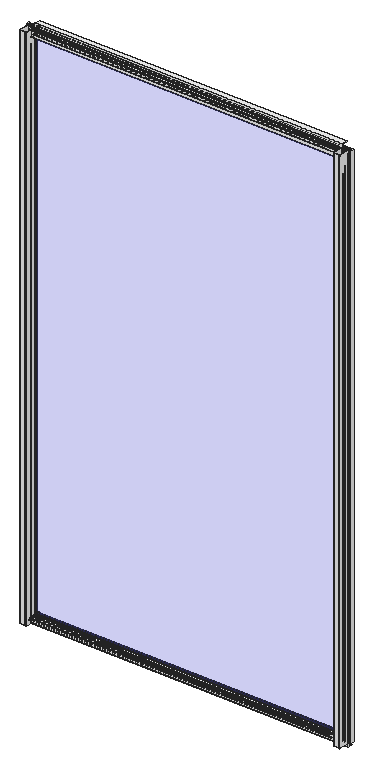
Revit family "Facade_60_Curtain_Wall_S11_Standard", category Windows, host Wall, Revit 2014 (continued)
Definition of nested family "F60 Vertical Profile Side_S11_Std"
  Automatic sketch dimensions
    plane 3 "Center (Left/Right)" to Extrusion 11 sketch curve = 1.014 mm
    plane 3 "Center (Left/Right)" to Extrusion 11 sketch curve = 1.05 mm
    Extrusion 11 sketch curve to Extrusion 11 sketch curve = 0.469 mm  (x2)
    Extrusion 11 sketch curve to Extrusion 11 sketch curve = 1.079 mm
    Extrusion 11 sketch curve to Extrusion 11 sketch curve = 1.317 mm  (x2)
    Extrusion 11 sketch curve to Extrusion 11 sketch curve = 0 mm  (x3)
    plane 3 "Center (Left/Right)" to Extrusion 11 sketch curve = 3.85 mm
    Extrusion 11 sketch curve to Extrusion 11 sketch curve = 0.15 mm  (x2)
    Extrusion 11 sketch curve to Extrusion 11 sketch curve = 26 mm  (x2)
    Extrusion 11 sketch curve to Extrusion 11 sketch curve = 1.05 mm
    Extrusion 11 sketch curve to Extrusion 11 sketch curve = 0.707 mm
    Extrusion 11 sketch curve to Extrusion 11 sketch curve = 0.433 mm
    plane 1 "Center (Front/Back)" to Extrusion 11 sketch curve = 31.288 mm
    plane 1 "Center (Front/Back)" to Extrusion 11 sketch curve = 28.065 mm
    Extrusion 11 sketch curve to Extrusion 11 sketch curve = 1.314 mm
    Extrusion 11 sketch curve to Extrusion 11 sketch curve = 0.65 mm
    Extrusion 11 sketch curve to Extrusion 11 sketch curve = 0.5 mm  (x2)
    plane 1 "Center (Front/Back)" to Extrusion 11 sketch curve = 32.75 mm
    Extrusion 11 sketch curve to Extrusion 11 sketch curve = 0.1 mm  (x3)
    Extrusion 11 sketch curve to Extrusion 11 sketch curve = 1.1 mm  (x2)
    Extrusion 11 sketch curve to Extrusion 11 sketch curve = 8.608 mm
    Extrusion 11 sketch curve to Extrusion 11 sketch curve = 0.962 mm
    Extrusion 12 sketch curve to plane 3 "Center (Left/Right)" = 21.349 mm
    Extrusion 12 sketch curve to Extrusion 12 sketch curve = 6.35 mm
    plane 3 "Center (Left/Right)" to Extrusion 12 sketch curve = 10.403 mm
    plane 1 "Center (Front/Back)" to Extrusion 12 sketch curve = 35.567 mm
    plane 1 "Center (Front/Back)" to Extrusion 12 sketch curve = 10.171 mm
    plane 1 "Center (Front/Back)" to Extrusion 12 sketch curve = 3.821 mm
    Extrusion 13 sketch curve to plane 3 "Center (Left/Right)" = 21.35 mm
    Extrusion 13 sketch curve to Extrusion 13 sketch curve = 6.35 mm
    plane 3 "Center (Left/Right)" to Extrusion 13 sketch curve = 10.402 mm
    plane 1 "Center (Front/Back)" to Extrusion 13 sketch curve = 33.172 mm
    plane 1 "Center (Front/Back)" to Extrusion 13 sketch curve = 7.775 mm
    plane 1 "Center (Front/Back)" to Extrusion 13 sketch curve = 1.425 mm
    Extrusion 14 sketch curve to plane 3 "Center (Left/Right)" = 0 mm
    plane 3 "Center (Left/Right)" to Extrusion 14 sketch curve = 1.2 mm
    Extrusion 14 sketch curve to Extrusion 14 sketch curve = 9.6 mm
    Extrusion 14 sketch curve to Extrusion 14 sketch curve = 1.2 mm  (x3)
    plane 1 "Center (Front/Back)" to Extrusion 14 sketch curve = 25.775 mm
    plane 1 "Center (Front/Back)" to Extrusion 14 sketch curve = 8.975 mm
    curve 4 to Extrusion 6 = 0 mm
    curve 3 to Extrusion 6 = 0 mm
    curve 1 to Extrusion 6 = 0 mm
    curve 4 to Extrusion 6 = 3.6 mm
    curve 3 to Extrusion 6 = 3.6 mm
    curve 1 to Extrusion 6 = 3.6 mm
    Extrusion 6 to curve 2 = 1 mm
    Extrusion 6 to curve 5 = 1 mm
    Extrusion 6 to curve 6 = 1 mm
    curve 6 to Extrusion 6 = 1 mm
    curve 5 to Extrusion 6 = 1 mm
    curve 2 to Extrusion 6 = 1 mm
    curve 9 to Extrusion 6 = 0 mm
    curve 8 to Extrusion 6 = 0 mm
    curve 7 to Extrusion 6 = 0 mm
    Extrusion 6 to curve 8 = 3.6 mm
    Extrusion 6 to curve 9 = 3.6 mm
    Extrusion 6 to curve 7 = 3.6 mm
    curve 12 to Extrusion 5 = 25.894 mm
    curve 11 to Extrusion 5 = 25.894 mm
    curve 10 to Extrusion 5 = 25.894 mm
    curve 10 to Extrusion 5 = 0.108 mm
    Extrusion 5 to curve 12 = 0.703 mm
    Extrusion 5 to curve 11 = 0.703 mm
    curve 13 to Extrusion 5 = 4 mm
    curve 14 to Extrusion 5 = 4 mm
    curve 15 to Extrusion 5 = 4 mm
    Extrusion 5 to curve 15 = 0.702 mm
    Extrusion 5 to curve 14 = 0.702 mm
    Extrusion 5 to curve 13 = 0.702 mm
    curve 18 to Extrusion 7 = 0 mm
    curve 17 to Extrusion 7 = 0 mm
    curve 16 to Extrusion 7 = 0 mm
    Extrusion 7 to curve 17 = 3.6 mm
    Extrusion 7 to curve 18 = 3.6 mm
    Extrusion 7 to curve 16 = 3.6 mm
    Extrusion 7 to curve 21 = 1 mm  (x2)
    Extrusion 7 to curve 20 = 1 mm  (x2)
    Extrusion 7 to curve 19 = 1 mm  (x2)
    curve 24 to Extrusion 7 = 0 mm
    curve 23 to Extrusion 7 = 0 mm
    curve 22 to Extrusion 7 = 0 mm
    curve 24 to Extrusion 7 = 3.6 mm
    curve 23 to Extrusion 7 = 3.6 mm
    curve 22 to Extrusion 7 = 3.6 mm
    curve 27 to Extrusion 8 = 0 mm
    curve 26 to Extrusion 8 = 0 mm
    curve 25 to Extrusion 8 = 0 mm
    Extrusion 8 to curve 26 = 3.6 mm
    Extrusion 8 to curve 27 = 3.6 mm
    Extrusion 8 to curve 25 = 3.6 mm
    Extrusion 8 to curve 30 = 0.221 mm
    Extrusion 8 to curve 29 = 0.221 mm
    Extrusion 8 to curve 28 = 0.221 mm
    curve 29 to Extrusion 8 = 0.222 mm
    curve 30 to Extrusion 8 = 0.222 mm
    curve 28 to Extrusion 8 = 0.222 mm
    curve 33 to Extrusion 8 = 0 mm
    curve 32 to Extrusion 8 = 0 mm
    curve 31 to Extrusion 8 = 0 mm
    curve 33 to Extrusion 8 = 3.6 mm
    curve 32 to Extrusion 8 = 3.6 mm
    curve 31 to Extrusion 8 = 3.6 mm
    curve 34 to Extrusion 11 = 4.016 mm
    curve 35 to Extrusion 11 = 4.016 mm
    curve 36 to Extrusion 11 = 3.97 mm
    Extrusion 11 to curve 36 = 0.637 mm
    Extrusion 11 to curve 35 = 0.637 mm
    Extrusion 11 to curve 34 = 0.637 mm
    curve 37 to Extrusion 11 = 29.221 mm
    curve 38 to Extrusion 11 = 29.221 mm
    curve 39 to Extrusion 11 = 29.221 mm
    Extrusion 11 to curve 39 = 3.222 mm
    Extrusion 11 to curve 38 = 3.222 mm
    Extrusion 11 to curve 37 = 3.222 mm
Definition of nested family "F60 Horizontal Profile Top_S11_Std"
  Parameters (values of type "F60 Horizontal Profile Top")
    Thermal Break Material [instance] = none
    Single Glazing [instance] = yes
    Profile Material [instance] = none
    Length [instance] = 250 mm
    Double Glazing [instance] = yes
  Reference planes
    plane 1 "Center (Front/Back)": y = 0
    plane 2: z = 0
    plane 3 "Center (Left/Right)": x = 0
  Forms (mm)
    Extrusion 1, solid, material <- "Profile Material"
      sketch origin (0, 0, 0) x (0, 1, 0) y (0, 0, 1)
        loop
          line (-9.94, 7.845) -> (-8.37, 6.275) -> (-1.2, 10.415) -> (-1.2, 1.2) -> (-5, 1.2) -> (-5, 0) -> (-1, 0)
          arc (-1, 0) -> (-0.293, 0.293) -> (0, 1) r 1
          line (0, 1) -> (0, 30) -> (0, 59)
          arc (0, 59) -> (-0.293, 59.707) -> (-1, 60) r 1
          line (-1, 60) -> (-5, 60) -> (-5, 58.8) -> (-1.2, 58.8) -> (-1.2, 49.585) -> (-8.37, 53.725) -> (-9.94, 52.155)
          arc (-9.94, 52.155) -> (-9.902, 51.269) -> (-9.016, 51.232) r 0.655
          line (-9.016, 51.232) -> (-8.077, 52.17) -> (-1.2, 48.2) -> (-1.2, 30) -> (-1.2, 11.8) -> (-8.077, 7.83) -> (-9.016, 8.768)
          arc (-9.016, 8.768) -> (-9.902, 8.731) -> (-9.94, 7.845) r 0.655
      from 0 to 250 <- "Length"
    Extrusion 2, solid, material <- "Profile Material"
      sketch origin (0, 0, 0) x (0, 1, 0) y (0, 0, 1)
        loop
          line (-5, 60) -> (-44.6, 60) -> (-44.6, 58.35) -> (-39.944, 58.35) -> (-39.944, 1.65) -> (-44.6, 1.65) -> (-44.6, 0) -> (-5, 0) -> (-5, 2.2) -> (-4.2, 2.2) -> (-4.2, 3.018)
          arc (-4.2, 3.018) -> (-4.352, 3.783) -> (-4.786, 4.432) r 2
          line (-4.786, 4.432) -> (-7.054, 6.7) -> (-8, 6.489) -> (-8, 5.7) -> (-7.205, 5.7) -> (-7.205, 2.95) -> (-8, 2.95) -> (-8, 1.95) -> (-12.752, 1.95) -> (-12.752, 6.7) -> (-14.152, 6.7) -> (-14.152, 1.65) -> (-38.65, 1.65) -> (-38.65, 8.33) -> (-37.097, 8.33) -> (-34.666, 6.973)
          arc (-34.666, 6.973) -> (-33.846, 7.192) -> (-34.066, 8.012) r 0.6
          line (-34.066, 8.012) -> (-37.128, 9.78) -> (-38.65, 9.78) -> (-38.65, 12.65) -> (-37.6, 13.7) -> (-37.6, 20.3) -> (-38.65, 21.35) -> (-38.65, 38.65) -> (-37.6, 39.7) -> (-37.6, 46.3) -> (-38.65, 47.35) -> (-38.65, 50.22) -> (-37.128, 50.22) -> (-34.066, 51.988)
          arc (-34.066, 51.988) -> (-33.846, 52.808) -> (-34.666, 53.027) r 0.6
          line (-34.666, 53.027) -> (-37.032, 51.661) -> (-38.65, 51.661) -> (-38.65, 58.35) -> (-14.152, 58.35) -> (-14.152, 53.3) -> (-12.752, 53.3) -> (-12.752, 58.05) -> (-8, 58.05) -> (-8, 57.05) -> (-7.205, 57.05) -> (-7.205, 54.3) -> (-8, 54.3) -> (-8, 53.511) -> (-7.054, 53.3) -> (-4.786, 55.568)
          arc (-4.786, 55.568) -> (-4.352, 56.217) -> (-4.2, 56.982) r 2
          line (-4.2, 56.982) -> (-4.2, 57.8) -> (-5, 57.8) -> (-5, 60)
      from 0 to 250 <- "Length"
    Extrusion 3, solid, material <- "Thermal Break Material"
      sketch origin (0, 0, 0) x (0, 1, 0) y (0, 0, 1)
        loop
          line (-40, 1.75) -> (-40, 30) -> (-40, 58.25) -> (-44.6, 58.25) -> (-44.6, 60) -> (-45.9, 60) -> (-45.9, 53.65) -> (-41.788, 53.65)
          arc (-41.788, 53.65) -> (-41.363, 53.474) -> (-41.187, 53.05) r 0.6
          line (-41.187, 53.05) -> (-41.187, 30) -> (-41.187, 6.95)
          arc (-41.187, 6.95) -> (-41.363, 6.526) -> (-41.788, 6.35) r 0.6
          line (-41.788, 6.35) -> (-45.9, 6.35) -> (-45.9, 0) -> (-44.6, 0) -> (-44.6, 1.75) -> (-40, 1.75)
      from 0 to 250 <- "Length"
    Extrusion 4, solid, material <- "Profile Material"
      sketch origin (0, 0, 0) x (0, 1, 0) y (0, 0, 1)
        loop
          line (-58.5, 25.249) -> (-43.6, 25.249)
          arc (-43.6, 25.249) -> (-43.034, 25.015) -> (-42.8, 24.449) r 0.8
          line (-42.8, 24.449) -> (-42.8, 7.9) -> (-44.4, 7.9) -> (-44.4, 9.45) -> (-45.25, 9.45)
          arc (-45.25, 9.45) -> (-45.674, 9.274) -> (-45.85, 8.85) r 0.6
          line (-45.85, 8.85) -> (-45.85, 7.9) -> (-48.8, 7.9)
          arc (-48.8, 7.9) -> (-49.3, 8.4) -> (-49.8, 7.9) r 0.5
          line (-49.8, 7.9) -> (-49.8, 5.55) -> (-48.65, 5.55) -> (-48.65, 6.7) -> (-47.35, 6.7) -> (-47.35, 1.2) -> (-48.65, 1.2) -> (-48.65, 2.35) -> (-49.8, 2.35) -> (-49.8, 0.5)
          arc (-49.8, 0.5) -> (-49.654, 0.146) -> (-49.3, 0) r 0.5
          line (-49.3, 0) -> (-45.9, 0) -> (-45.9, 6.45) -> (-42.2, 6.45)
          arc (-42.2, 6.45) -> (-41.634, 6.684) -> (-41.4, 7.25) r 0.8
          line (-41.4, 7.25) -> (-41.4, 30) -> (-41.4, 52.75)
          arc (-41.4, 52.75) -> (-41.634, 53.316) -> (-42.2, 53.55) r 0.8
          line (-42.2, 53.55) -> (-45.9, 53.55) -> (-45.9, 60) -> (-49.3, 60)
          arc (-49.3, 60) -> (-49.654, 59.854) -> (-49.8, 59.5) r 0.5
          line (-49.8, 59.5) -> (-49.8, 57.65) -> (-48.65, 57.65) -> (-48.65, 58.8) -> (-47.35, 58.8) -> (-47.35, 53.3) -> (-48.65, 53.3) -> (-48.65, 54.45) -> (-49.8, 54.45) -> (-49.8, 52.1)
          arc (-49.8, 52.1) -> (-49.3, 51.6) -> (-48.8, 52.1) r 0.5
          line (-48.8, 52.1) -> (-45.85, 52.1) -> (-45.85, 51.15)
          arc (-45.85, 51.15) -> (-45.674, 50.726) -> (-45.25, 50.55) r 0.6
          line (-45.25, 50.55) -> (-44.4, 50.55) -> (-44.4, 52.1) -> (-42.8, 52.1) -> (-42.8, 35.551)
          arc (-42.8, 35.551) -> (-43.034, 34.985) -> (-43.6, 34.751) r 0.8
          line (-43.6, 34.751) -> (-58.5, 34.751)
          arc (-58.5, 34.751) -> (-59.066, 34.516) -> (-59.3, 33.951) r 0.8
          line (-59.3, 33.951) -> (-59.3, 32.902) -> (-42.8, 32.902) -> (-42.8, 27.1) -> (-59.3, 27.1) -> (-59.3, 26.049)
          arc (-59.3, 26.049) -> (-59.066, 25.484) -> (-58.5, 25.249) r 0.8
      from 0 to 250 <- "Length"
    Extrusion 5, solid, material <- "Thermal Break Material", visible <- "Single Glazing"
      sketch origin (0, 0, 0) x (0, 1, 0) y (0, 0, 1)
        loop
          arc (-63.8, 25.751) -> (-63.654, 25.397) -> (-63.3, 25.251) r 0.5
          line (-63.3, 25.251) -> (-59.8, 25.251)
          arc (-59.8, 25.251) -> (-59.446, 25.397) -> (-59.3, 25.751) r 0.5
          line (-59.3, 25.751) -> (-59.3, 27.648) -> (-49.599, 27.648) -> (-47.528, 28.651)
          arc (-47.528, 28.651) -> (-46.803, 30.001) -> (-47.528, 31.351) r 1.62
          line (-47.528, 31.351) -> (-49.599, 32.353) -> (-59.3, 32.353) -> (-59.3, 34.251)
          arc (-59.3, 34.251) -> (-59.446, 34.604) -> (-59.8, 34.751) r 0.5
          line (-59.8, 34.751) -> (-63.3, 34.751)
          arc (-63.3, 34.751) -> (-63.654, 34.604) -> (-63.8, 34.251) r 0.5
          line (-63.8, 34.251) -> (-63.8, 32.328) -> (-62.4, 31.52) -> (-62.4, 28.483) -> (-63.8, 27.673) -> (-63.8, 25.751)
        loop
          line (-59.794, 28.506) -> (-59.006, 29.294)
          arc (-59.006, 29.294) -> (-58.788, 29.618) -> (-58.713, 30.001) r 0.986
          arc (-58.713, 30.001) -> (-58.79, 30.384) -> (-59.008, 30.71) r 1.007
          line (-59.008, 30.71) -> (-59.794, 31.496) -> (-60.65, 31.496)
          arc (-60.65, 31.496) -> (-61.004, 31.349) -> (-61.15, 30.996) r 0.5
          line (-61.15, 30.996) -> (-61.15, 29.006)
          arc (-61.15, 29.006) -> (-61.004, 28.652) -> (-60.65, 28.506) r 0.5
          line (-60.65, 28.506) -> (-59.794, 28.506)
        loop
          line (-47.854, 30.898) -> (-49.415, 31.653) -> (-56.782, 31.653)
          arc (-56.782, 31.653) -> (-57.207, 31.417) -> (-57.23, 30.932) r 0.5
          arc (-57.23, 30.932) -> (-57.013, 30.001) -> (-57.23, 29.07) r 2.099
          arc (-57.23, 29.07) -> (-57.207, 28.584) -> (-56.782, 28.348) r 0.5
          line (-56.782, 28.348) -> (-49.415, 28.348) -> (-48.055, 29.007)
          arc (-48.055, 29.007) -> (-47.35, 29.888) -> (-47.854, 30.898) r 1.047
      from 0 to 250 <- "Length"
    Extrusion 6, solid, material <- "Profile Material", visible <- "Single Glazing"
      sketch origin (0, 0, 0) x (0, 1, 0) y (0, 0, 1)
        loop
          line (-63.8, 52.694) -> (-64.8, 52.694) -> (-64.8, 51.544) -> (-66.05, 51.544) -> (-66.05, 57.044) -> (-64.8, 57.044) -> (-64.8, 55.894) -> (-63.8, 55.894) -> (-63.8, 58.294)
          arc (-63.8, 58.294) -> (-64.082, 58.803) -> (-64.664, 58.835) r 0.6
          line (-64.664, 58.835) -> (-66.562, 57.91) -> (-67.088, 58.988) -> (-68.05, 58.519) -> (-68.05, 48.513)
          arc (-68.05, 48.513) -> (-67.874, 48.089) -> (-67.45, 47.913) r 0.6
          line (-67.45, 47.913) -> (-66.6, 47.913) -> (-66.6, 12.09) -> (-67.45, 12.09)
          arc (-67.45, 12.09) -> (-67.874, 11.914) -> (-68.05, 11.49) r 0.6
          line (-68.05, 11.49) -> (-68.05, 1.485) -> (-67.088, 1.016) -> (-66.562, 2.095) -> (-64.663, 1.169)
          arc (-64.663, 1.169) -> (-64.082, 1.2) -> (-63.8, 1.709) r 0.6
          line (-63.8, 1.709) -> (-63.8, 4.109) -> (-64.8, 4.109) -> (-64.8, 2.959) -> (-66.05, 2.959) -> (-66.05, 8.459) -> (-64.8, 8.459) -> (-64.8, 7.309) -> (-63.8, 7.309) -> (-63.8, 27.674) -> (-62.4, 28.483) -> (-62.4, 31.521) -> (-63.8, 32.329) -> (-63.8, 52.694)
      from 0 to 250 <- "Length"
    Extrusion 7, solid, material <- "Profile Material", visible <- "Single Glazing"
      sketch origin (0, 0, 0) x (0, 1, 0) y (0, 0, 1)
        loop
          line (-68.551, 3.3) -> (-76.559, 3.3) -> (-76.559, 30) -> (-76.559, 56.15)
          arc (-76.559, 56.15) -> (-75.739, 58.13) -> (-73.759, 58.95) r 2.8
          line (-73.759, 58.95) -> (-69.151, 58.95) -> (-69.151, 57.2)
          arc (-69.151, 57.2) -> (-68.987, 56.829) -> (-68.601, 56.703) r 0.5
          arc (-68.601, 56.703) -> (-68.216, 56.829) -> (-68.051, 57.2) r 0.5
          line (-68.051, 57.2) -> (-68.051, 58.517) -> (-67.089, 58.986) -> (-66.563, 57.907) -> (-63.866, 59.222)
          arc (-63.866, 59.222) -> (-64.001, 59.762) -> (-64.504, 60) r 0.65
          line (-64.504, 60) -> (-73.859, 60)
          arc (-73.859, 60) -> (-76.687, 58.828) -> (-77.859, 56) r 4
          line (-77.859, 56) -> (-77.859, 30) -> (-77.859, 2.493)
          arc (-77.859, 2.493) -> (-77.197, 0.799) -> (-75.562, 0.002) r 2.5
          arc (-75.562, 0.002) -> (-75.182, 0.132) -> (-75.021, 0.5) r 0.5
          line (-75.021, 0.5) -> (-75.021, 2) -> (-69.151, 2) -> (-69.151, 0.5)
          arc (-69.151, 0.5) -> (-69.005, 0.146) -> (-68.651, 0) r 0.5
          line (-68.651, 0) -> (-64.504, 0)
          arc (-64.504, 0) -> (-64.001, 0.238) -> (-63.866, 0.778) r 0.65
          line (-63.866, 0.778) -> (-66.563, 2.093) -> (-67.089, 1.014) -> (-68.051, 1.483) -> (-68.051, 2.8)
          arc (-68.051, 2.8) -> (-68.198, 3.154) -> (-68.551, 3.3) r 0.5
      from 0 to 250 <- "Length"
    Extrusion 8, solid, material <- "Thermal Break Material", visible <- "Double Glazing"
      sketch origin (0, 0, 0) x (0, 1, 0) y (0, 0, 1)
        loop
          line (-77.8, 27.673) -> (-77.8, 25.751)
          arc (-77.8, 25.751) -> (-77.654, 25.397) -> (-77.3, 25.251) r 0.5
          line (-77.3, 25.251) -> (-59.8, 25.251)
          arc (-59.8, 25.251) -> (-59.446, 25.397) -> (-59.3, 25.751) r 0.5
          line (-59.3, 25.751) -> (-59.3, 27.647) -> (-49.599, 27.647) -> (-47.528, 28.649)
          arc (-47.528, 28.649) -> (-46.803, 29.999) -> (-47.528, 31.349) r 1.62
          line (-47.528, 31.349) -> (-49.602, 32.353) -> (-59.3, 32.353) -> (-59.3, 34.251)
          arc (-59.3, 34.251) -> (-59.446, 34.604) -> (-59.8, 34.751) r 0.5
          line (-59.8, 34.751) -> (-77.3, 34.751)
          arc (-77.3, 34.751) -> (-77.654, 34.604) -> (-77.8, 34.251) r 0.5
          line (-77.8, 34.251) -> (-77.8, 32.327) -> (-76.4, 31.52) -> (-76.4, 28.482) -> (-77.8, 27.673)
        loop
          line (-59.006, 30.708) -> (-61.156, 32.858)
          arc (-61.156, 32.858) -> (-61.48, 33.074) -> (-61.863, 33.151) r 1
          line (-61.863, 33.151) -> (-73.8, 33.151)
          arc (-73.8, 33.151) -> (-74.507, 32.858) -> (-74.8, 32.151) r 1
          line (-74.8, 32.151) -> (-74.8, 27.851)
          arc (-74.8, 27.851) -> (-74.507, 27.144) -> (-73.8, 26.851) r 1
          line (-73.8, 26.851) -> (-61.863, 26.851)
          arc (-61.863, 26.851) -> (-61.48, 26.927) -> (-61.156, 27.144) r 1
          line (-61.156, 27.144) -> (-59.006, 29.294)
          arc (-59.006, 29.294) -> (-58.788, 29.618) -> (-58.713, 30.001) r 0.986
          arc (-58.713, 30.001) -> (-58.79, 30.383) -> (-59.006, 30.708) r 1.007
        loop
          line (-56.782, 28.347) -> (-49.415, 28.347) -> (-48.055, 29.005)
          arc (-48.055, 29.005) -> (-47.35, 29.887) -> (-47.854, 30.896) r 1.047
          line (-47.854, 30.896) -> (-49.415, 31.652) -> (-56.782, 31.652)
          arc (-56.782, 31.652) -> (-57.207, 31.416) -> (-57.23, 30.93) r 0.5
          arc (-57.23, 30.93) -> (-57.013, 29.999) -> (-57.23, 29.068) r 2.099
          arc (-57.23, 29.068) -> (-57.207, 28.583) -> (-56.782, 28.347) r 0.5
      from 0 to 250 <- "Length"
    Extrusion 9, solid, material <- "Profile Material", visible <- "Double Glazing"
      sketch origin (0, 0, 0) x (0, 1, 0) y (0, 0, 1)
        loop
          line (-77.8, 52.694) -> (-78.8, 52.694) -> (-78.8, 51.544) -> (-80.05, 51.544) -> (-80.05, 57.044) -> (-78.8, 57.044) -> (-78.8, 55.894) -> (-77.8, 55.894) -> (-77.8, 58.294)
          arc (-77.8, 58.294) -> (-78.082, 58.802) -> (-78.664, 58.834) r 0.6
          line (-78.664, 58.834) -> (-80.562, 57.909) -> (-81.088, 58.988) -> (-82.05, 58.518) -> (-82.05, 48.512)
          arc (-82.05, 48.512) -> (-81.874, 48.088) -> (-81.45, 47.912) r 0.6
          line (-81.45, 47.912) -> (-80.6, 47.912) -> (-80.6, 12.089) -> (-81.45, 12.089)
          arc (-81.45, 12.089) -> (-81.874, 11.913) -> (-82.05, 11.489) r 0.6
          line (-82.05, 11.489) -> (-82.05, 1.484) -> (-81.088, 1.015) -> (-80.562, 2.094) -> (-78.663, 1.169)
          arc (-78.663, 1.169) -> (-78.082, 1.199) -> (-77.8, 1.708) r 0.6
          line (-77.8, 1.708) -> (-77.8, 4.108) -> (-78.8, 4.108) -> (-78.8, 2.958) -> (-80.05, 2.958) -> (-80.05, 8.458) -> (-78.8, 8.458) -> (-78.8, 7.308) -> (-77.8, 7.308) -> (-77.8, 27.673) -> (-76.4, 28.482) -> (-76.4, 31.52) -> (-77.8, 32.328) -> (-77.8, 52.694)
      from 0 to 250 <- "Length"
    Extrusion 10, solid, material <- "Profile Material", visible <- "Double Glazing"
      sketch origin (0, 0, 0) x (0, 1, 0) y (0, 0, 1)
        loop
          line (-82.551, 3.3) -> (-90.558, 3.3) -> (-90.558, 30) -> (-90.558, 56.15)
          arc (-90.558, 56.15) -> (-89.738, 58.13) -> (-87.758, 58.95) r 2.8
          line (-87.758, 58.95) -> (-83.151, 58.95) -> (-83.151, 57.2)
          arc (-83.151, 57.2) -> (-82.986, 56.829) -> (-82.601, 56.703) r 0.5
          arc (-82.601, 56.703) -> (-82.215, 56.829) -> (-82.051, 57.2) r 0.5
          line (-82.051, 57.2) -> (-82.051, 58.517) -> (-81.088, 58.986) -> (-80.563, 57.907) -> (-77.866, 59.222)
          arc (-77.866, 59.222) -> (-78, 59.762) -> (-78.503, 60) r 0.65
          line (-78.503, 60) -> (-87.858, 60)
          arc (-87.858, 60) -> (-90.687, 58.828) -> (-91.858, 56) r 4
          line (-91.858, 56) -> (-91.858, 30) -> (-91.858, 2.493)
          arc (-91.858, 2.493) -> (-91.196, 0.799) -> (-89.561, 0.002) r 2.5
          arc (-89.561, 0.002) -> (-89.182, 0.132) -> (-89.021, 0.5) r 0.5
          line (-89.021, 0.5) -> (-89.021, 2) -> (-83.151, 2) -> (-83.151, 0.5)
          arc (-83.151, 0.5) -> (-83.004, 0.146) -> (-82.651, 0) r 0.5
          line (-82.651, 0) -> (-78.503, 0)
          arc (-78.503, 0) -> (-78, 0.238) -> (-77.866, 0.778) r 0.65
          line (-77.866, 0.778) -> (-80.563, 2.093) -> (-81.088, 1.014) -> (-82.051, 1.483) -> (-82.051, 2.8)
          arc (-82.051, 2.8) -> (-82.197, 3.154) -> (-82.551, 3.3) r 0.5
      from 0 to 250 <- "Length"
    Extrusion 11, solid, material <- "Profile Material", visible <- "Double Glazing"
      sketch origin (0, 0, 0) x (0, 1, 0) y (0, 0, 1)
        loop
          line (-57.8, 45.73) -> (-51.8, 45.73) -> (-51.8, 95.73) -> (-101.8, 95.73) -> (-101.8, 89.73) -> (-57.8, 89.73) -> (-57.8, 45.73)
      from 0 to 250 <- "Length"
    Extrusion 12, solid, material <- "Profile Material", visible <- "Double Glazing"
      sketch origin (0, 0, 0) x (0, 1, 0) y (0, 0, 1)
        loop
          line (-75.8, 48) -> (-57.8, 48) -> (-57.8, 60) -> (-75.8, 60) -> (-75.8, 48)
        loop
          line (-74.6, 49.2) -> (-59, 49.2) -> (-59, 58.8) -> (-74.6, 58.8) -> (-74.6, 49.2)
      from 0 to 250 <- "Length"
    Extrusion 13, solid, material <- "Profile Material", visible <- "Single Glazing"
      sketch origin (0, 0, 0) x (0, 1, 0) y (0, 0, 1)
        loop
          line (-59.8, 45.865) -> (-53.8, 45.865) -> (-53.8, 95.865) -> (-103.8, 95.865) -> (-103.8, 89.865) -> (-59.8, 89.865) -> (-59.8, 45.865)
      from 0 to 250 <- "Length"
  Dimensions and locks
    aligned and locked: level to plane 2
Definition of nested family "F60 Sill_S11_Std"
  Parameters (values of type "F60 Sill")
    Profile Material [instance] = none
    Length Sill [instance] = 250 mm
  Reference planes
    plane 1 "Center (Front/Back)": y = 0
    plane 2: z = 0
    plane 3 "Center (Left/Right)": x = 0
  Forms (mm)
    Extrusion 1, solid, material <- "Profile Material"
      sketch origin (0, 0, 0) x (0, 1, 0) y (0, 0, 1)
        loop
          line (-42.734, 5.324) -> (-48.256, 4.643)
          arc (-48.256, 4.643) -> (-49.196, 4.147) -> (-49.572, 3.154) r 1.5
          line (-49.572, 3.154) -> (-49.572, 1.88) -> (-47.772, 1.88) -> (-47.772, 3.191) -> (-19.233, 6.714)
          arc (-19.233, 6.714) -> (-17.924, 7.083) -> (-16.785, 7.826) r 4.5
          line (-16.785, 7.826) -> (-16.785, 1.88) -> (-15.285, 1.88) -> (-15.285, 24.58)
          arc (-15.285, 24.58) -> (-15.109, 25.004) -> (-14.685, 25.18) r 0.6
          line (-14.685, 25.18) -> (-4.072, 25.18) -> (-4.072, 1.88) -> (-2.572, 1.88) -> (-2.572, 29.88) -> (-4.072, 29.88) -> (-4.072, 28.88) -> (-5.222, 28.88) -> (-5.222, 27.68) -> (-4.072, 27.68) -> (-4.072, 26.38) -> (-9.572, 26.38) -> (-9.572, 27.68) -> (-8.422, 27.68) -> (-8.422, 28.88) -> (-10.172, 28.88)
          arc (-10.172, 28.88) -> (-10.597, 28.704) -> (-10.772, 28.28) r 0.6
          line (-10.772, 28.28) -> (-10.772, 26.38) -> (-15.285, 26.38)
          arc (-15.285, 26.38) -> (-16.345, 25.941) -> (-16.785, 24.88) r 1.5
          line (-16.785, 24.88) -> (-16.785, 11.18)
          arc (-16.785, 11.18) -> (-17.537, 9.193) -> (-19.417, 8.203) r 3
          line (-19.417, 8.203) -> (-39.35, 5.742)
          arc (-39.35, 5.742) -> (-40.527, 6.107) -> (-41.034, 7.231) r 1.5
          line (-41.034, 7.231) -> (-41.034, 19.996)
          arc (-41.034, 19.996) -> (-40.883, 20.394) -> (-40.507, 20.592) r 0.6
          line (-40.507, 20.592) -> (-32.917, 21.529)
          arc (-32.917, 21.529) -> (-31.977, 22.024) -> (-31.601, 23.017) r 1.5
          line (-31.601, 23.017) -> (-31.601, 28.88) -> (-33.101, 28.88) -> (-33.101, 23.548)
          arc (-33.101, 23.548) -> (-33.251, 23.15) -> (-33.627, 22.952) r 0.6
          line (-33.627, 22.952) -> (-45.787, 21.451)
          arc (-45.787, 21.451) -> (-46.727, 20.956) -> (-47.104, 19.962) r 1.5
          line (-47.104, 19.962) -> (-47.104, 19.054)
          arc (-47.104, 19.054) -> (-46.957, 18.7) -> (-46.604, 18.554) r 0.5
          line (-46.604, 18.554) -> (-45.604, 18.554) -> (-45.604, 19.962) -> (-42.734, 20.317) -> (-42.734, 5.324)
      from 0 to 250 <- "Length Sill"
  Dimensions and locks
    aligned and locked: level to plane 2
Definition of nested family "F60 Horizontal Profile Bottom_S11_Std"
  Parameters (values of type "F60 Horizontal Profile Bottom")
    Thermal Break Material [instance] = none
    Single Glazing [instance] = yes
    Profile Material [instance] = none
    Length [instance] = 250 mm
    Double Glazing [instance] = yes
  Reference planes
    plane 1 "Center (Front/Back)": y = 0
    plane 2: z = 0
    plane 3 "Center (Left/Right)": x = 0
  Forms (mm)
    Extrusion 1, solid, material <- "Profile Material"
      sketch origin (0, 0, 0) x (0, 1, 0) y (0, 0, 1)
        loop
          line (-9.94, 7.845) -> (-8.37, 6.275) -> (-1.2, 10.415) -> (-1.2, 1.2) -> (-5, 1.2) -> (-5, 0) -> (-1, 0)
          arc (-1, 0) -> (-0.293, 0.293) -> (0, 1) r 1
          line (0, 1) -> (0, 30) -> (0, 59)
          arc (0, 59) -> (-0.293, 59.707) -> (-1, 60) r 1
          line (-1, 60) -> (-5, 60) -> (-5, 58.8) -> (-1.2, 58.8) -> (-1.2, 49.585) -> (-8.37, 53.725) -> (-9.94, 52.155)
          arc (-9.94, 52.155) -> (-9.902, 51.269) -> (-9.016, 51.232) r 0.655
          line (-9.016, 51.232) -> (-8.077, 52.17) -> (-1.2, 48.2) -> (-1.2, 30) -> (-1.2, 11.8) -> (-8.077, 7.83) -> (-9.016, 8.768)
          arc (-9.016, 8.768) -> (-9.902, 8.731) -> (-9.94, 7.845) r 0.655
      from 0 to 250 <- "Length"
    Extrusion 2, solid, material <- "Profile Material"
      sketch origin (0, 0, 0) x (0, 1, 0) y (0, 0, 1)
        loop
          line (-5, 60) -> (-44.6, 60) -> (-44.6, 58.35) -> (-39.944, 58.35) -> (-39.944, 1.65) -> (-44.6, 1.65) -> (-44.6, 0) -> (-5, 0) -> (-5, 2.2) -> (-4.2, 2.2) -> (-4.2, 3.018)
          arc (-4.2, 3.018) -> (-4.352, 3.783) -> (-4.786, 4.432) r 2
          line (-4.786, 4.432) -> (-7.054, 6.7) -> (-8, 6.489) -> (-8, 5.7) -> (-7.205, 5.7) -> (-7.205, 2.95) -> (-8, 2.95) -> (-8, 1.95) -> (-12.752, 1.95) -> (-12.752, 6.7) -> (-14.152, 6.7) -> (-14.152, 1.65) -> (-38.65, 1.65) -> (-38.65, 8.33) -> (-37.097, 8.33) -> (-34.666, 6.973)
          arc (-34.666, 6.973) -> (-33.846, 7.192) -> (-34.066, 8.012) r 0.6
          line (-34.066, 8.012) -> (-37.128, 9.78) -> (-38.65, 9.78) -> (-38.65, 12.65) -> (-37.6, 13.7) -> (-37.6, 20.3) -> (-38.65, 21.35) -> (-38.65, 38.65) -> (-37.6, 39.7) -> (-37.6, 46.3) -> (-38.65, 47.35) -> (-38.65, 50.22) -> (-37.128, 50.22) -> (-34.066, 51.988)
          arc (-34.066, 51.988) -> (-33.846, 52.808) -> (-34.666, 53.027) r 0.6
          line (-34.666, 53.027) -> (-37.032, 51.661) -> (-38.65, 51.661) -> (-38.65, 58.35) -> (-14.152, 58.35) -> (-14.152, 53.3) -> (-12.752, 53.3) -> (-12.752, 58.05) -> (-8, 58.05) -> (-8, 57.05) -> (-7.205, 57.05) -> (-7.205, 54.3) -> (-8, 54.3) -> (-8, 53.511) -> (-7.054, 53.3) -> (-4.786, 55.568)
          arc (-4.786, 55.568) -> (-4.352, 56.217) -> (-4.2, 56.982) r 2
          line (-4.2, 56.982) -> (-4.2, 57.8) -> (-5, 57.8) -> (-5, 60)
      from 0 to 250 <- "Length"
    Extrusion 3, solid, material <- "Thermal Break Material"
      sketch origin (0, 0, 0) x (0, 1, 0) y (0, 0, 1)
        loop
          line (-40, 1.75) -> (-40, 30) -> (-40, 58.25) -> (-44.6, 58.25) -> (-44.6, 60) -> (-45.9, 60) -> (-45.9, 53.65) -> (-41.788, 53.65)
          arc (-41.788, 53.65) -> (-41.363, 53.474) -> (-41.187, 53.05) r 0.6
          line (-41.187, 53.05) -> (-41.187, 30) -> (-41.187, 6.95)
          arc (-41.187, 6.95) -> (-41.363, 6.526) -> (-41.788, 6.35) r 0.6
          line (-41.788, 6.35) -> (-45.9, 6.35) -> (-45.9, 0) -> (-44.6, 0) -> (-44.6, 1.75) -> (-40, 1.75)
      from 0 to 250 <- "Length"
    Extrusion 4, solid, material <- "Profile Material"
      sketch origin (0, 0, 0) x (0, 1, 0) y (0, 0, 1)
        loop
          line (-58.5, 25.249) -> (-43.6, 25.249)
          arc (-43.6, 25.249) -> (-43.034, 25.015) -> (-42.8, 24.449) r 0.8
          line (-42.8, 24.449) -> (-42.8, 7.9) -> (-44.4, 7.9) -> (-44.4, 9.45) -> (-45.25, 9.45)
          arc (-45.25, 9.45) -> (-45.674, 9.274) -> (-45.85, 8.85) r 0.6
          line (-45.85, 8.85) -> (-45.85, 7.9) -> (-48.8, 7.9)
          arc (-48.8, 7.9) -> (-49.3, 8.4) -> (-49.8, 7.9) r 0.5
          line (-49.8, 7.9) -> (-49.8, 5.55) -> (-48.65, 5.55) -> (-48.65, 6.7) -> (-47.35, 6.7) -> (-47.35, 1.2) -> (-48.65, 1.2) -> (-48.65, 2.35) -> (-49.8, 2.35) -> (-49.8, 0.5)
          arc (-49.8, 0.5) -> (-49.654, 0.146) -> (-49.3, 0) r 0.5
          line (-49.3, 0) -> (-45.9, 0) -> (-45.9, 6.45) -> (-42.2, 6.45)
          arc (-42.2, 6.45) -> (-41.634, 6.684) -> (-41.4, 7.25) r 0.8
          line (-41.4, 7.25) -> (-41.4, 30) -> (-41.4, 52.75)
          arc (-41.4, 52.75) -> (-41.634, 53.316) -> (-42.2, 53.55) r 0.8
          line (-42.2, 53.55) -> (-45.9, 53.55) -> (-45.9, 60) -> (-49.3, 60)
          arc (-49.3, 60) -> (-49.654, 59.854) -> (-49.8, 59.5) r 0.5
          line (-49.8, 59.5) -> (-49.8, 57.65) -> (-48.65, 57.65) -> (-48.65, 58.8) -> (-47.35, 58.8) -> (-47.35, 53.3) -> (-48.65, 53.3) -> (-48.65, 54.45) -> (-49.8, 54.45) -> (-49.8, 52.1)
          arc (-49.8, 52.1) -> (-49.3, 51.6) -> (-48.8, 52.1) r 0.5
          line (-48.8, 52.1) -> (-45.85, 52.1) -> (-45.85, 51.15)
          arc (-45.85, 51.15) -> (-45.674, 50.726) -> (-45.25, 50.55) r 0.6
          line (-45.25, 50.55) -> (-44.4, 50.55) -> (-44.4, 52.1) -> (-42.8, 52.1) -> (-42.8, 35.551)
          arc (-42.8, 35.551) -> (-43.034, 34.985) -> (-43.6, 34.751) r 0.8
          line (-43.6, 34.751) -> (-58.5, 34.751)
          arc (-58.5, 34.751) -> (-59.066, 34.516) -> (-59.3, 33.951) r 0.8
          line (-59.3, 33.951) -> (-59.3, 32.902) -> (-42.8, 32.902) -> (-42.8, 27.1) -> (-59.3, 27.1) -> (-59.3, 26.049)
          arc (-59.3, 26.049) -> (-59.066, 25.484) -> (-58.5, 25.249) r 0.8
      from 0 to 250 <- "Length"
    Extrusion 5, solid, material <- "Thermal Break Material", visible <- "Single Glazing"
      sketch origin (0, 0, 0) x (0, 1, 0) y (0, 0, 1)
        loop
          arc (-63.8, 25.751) -> (-63.654, 25.397) -> (-63.3, 25.251) r 0.5
          line (-63.3, 25.251) -> (-59.8, 25.251)
          arc (-59.8, 25.251) -> (-59.446, 25.397) -> (-59.3, 25.751) r 0.5
          line (-59.3, 25.751) -> (-59.3, 27.648) -> (-49.599, 27.648) -> (-47.528, 28.651)
          arc (-47.528, 28.651) -> (-46.803, 30.001) -> (-47.528, 31.351) r 1.62
          line (-47.528, 31.351) -> (-49.599, 32.353) -> (-59.3, 32.353) -> (-59.3, 34.251)
          arc (-59.3, 34.251) -> (-59.446, 34.604) -> (-59.8, 34.751) r 0.5
          line (-59.8, 34.751) -> (-63.3, 34.751)
          arc (-63.3, 34.751) -> (-63.654, 34.604) -> (-63.8, 34.251) r 0.5
          line (-63.8, 34.251) -> (-63.8, 32.328) -> (-62.4, 31.52) -> (-62.4, 28.483) -> (-63.8, 27.673) -> (-63.8, 25.751)
        loop
          line (-59.794, 28.506) -> (-59.006, 29.294)
          arc (-59.006, 29.294) -> (-58.788, 29.618) -> (-58.713, 30.001) r 0.986
          arc (-58.713, 30.001) -> (-58.79, 30.384) -> (-59.008, 30.71) r 1.007
          line (-59.008, 30.71) -> (-59.794, 31.496) -> (-60.65, 31.496)
          arc (-60.65, 31.496) -> (-61.004, 31.349) -> (-61.15, 30.996) r 0.5
          line (-61.15, 30.996) -> (-61.15, 29.006)
          arc (-61.15, 29.006) -> (-61.004, 28.652) -> (-60.65, 28.506) r 0.5
          line (-60.65, 28.506) -> (-59.794, 28.506)
        loop
          line (-47.854, 30.898) -> (-49.415, 31.653) -> (-56.782, 31.653)
          arc (-56.782, 31.653) -> (-57.207, 31.417) -> (-57.23, 30.932) r 0.5
          arc (-57.23, 30.932) -> (-57.013, 30.001) -> (-57.23, 29.07) r 2.099
          arc (-57.23, 29.07) -> (-57.207, 28.584) -> (-56.782, 28.348) r 0.5
          line (-56.782, 28.348) -> (-49.415, 28.348) -> (-48.055, 29.007)
          arc (-48.055, 29.007) -> (-47.35, 29.888) -> (-47.854, 30.898) r 1.047
      from 0 to 250 <- "Length"
    Extrusion 6, solid, material <- "Profile Material", visible <- "Single Glazing"
      sketch origin (0, 0, 0) x (0, 1, 0) y (0, 0, 1)
        loop
          line (-63.8, 52.694) -> (-64.8, 52.694) -> (-64.8, 51.544) -> (-66.05, 51.544) -> (-66.05, 57.044) -> (-64.8, 57.044) -> (-64.8, 55.894) -> (-63.8, 55.894) -> (-63.8, 58.294)
          arc (-63.8, 58.294) -> (-64.082, 58.803) -> (-64.664, 58.835) r 0.6
          line (-64.664, 58.835) -> (-66.562, 57.91) -> (-67.088, 58.988) -> (-68.05, 58.519) -> (-68.05, 48.513)
          arc (-68.05, 48.513) -> (-67.874, 48.089) -> (-67.45, 47.913) r 0.6
          line (-67.45, 47.913) -> (-66.6, 47.913) -> (-66.6, 12.09) -> (-67.45, 12.09)
          arc (-67.45, 12.09) -> (-67.874, 11.914) -> (-68.05, 11.49) r 0.6
          line (-68.05, 11.49) -> (-68.05, 1.485) -> (-67.088, 1.016) -> (-66.562, 2.095) -> (-64.663, 1.169)
          arc (-64.663, 1.169) -> (-64.082, 1.2) -> (-63.8, 1.709) r 0.6
          line (-63.8, 1.709) -> (-63.8, 4.109) -> (-64.8, 4.109) -> (-64.8, 2.959) -> (-66.05, 2.959) -> (-66.05, 8.459) -> (-64.8, 8.459) -> (-64.8, 7.309) -> (-63.8, 7.309) -> (-63.8, 27.674) -> (-62.4, 28.483) -> (-62.4, 31.521) -> (-63.8, 32.329) -> (-63.8, 52.694)
      from 0 to 250 <- "Length"
    Extrusion 7, solid, material <- "Profile Material", visible <- "Single Glazing"
      sketch origin (0, 0, 0) x (0, 1, 0) y (0, 0, 1)
        loop
          line (-68.551, 3.3) -> (-76.559, 3.3) -> (-76.559, 30) -> (-76.559, 56.15)
          arc (-76.559, 56.15) -> (-75.739, 58.13) -> (-73.759, 58.95) r 2.8
          line (-73.759, 58.95) -> (-69.151, 58.95) -> (-69.151, 57.2)
          arc (-69.151, 57.2) -> (-68.987, 56.829) -> (-68.601, 56.703) r 0.5
          arc (-68.601, 56.703) -> (-68.216, 56.829) -> (-68.051, 57.2) r 0.5
          line (-68.051, 57.2) -> (-68.051, 58.517) -> (-67.089, 58.986) -> (-66.563, 57.907) -> (-63.866, 59.222)
          arc (-63.866, 59.222) -> (-64.001, 59.762) -> (-64.504, 60) r 0.65
          line (-64.504, 60) -> (-73.859, 60)
          arc (-73.859, 60) -> (-76.687, 58.828) -> (-77.859, 56) r 4
          line (-77.859, 56) -> (-77.859, 30) -> (-77.859, 2.493)
          arc (-77.859, 2.493) -> (-77.197, 0.799) -> (-75.562, 0.002) r 2.5
          arc (-75.562, 0.002) -> (-75.182, 0.132) -> (-75.021, 0.5) r 0.5
          line (-75.021, 0.5) -> (-75.021, 2) -> (-69.151, 2) -> (-69.151, 0.5)
          arc (-69.151, 0.5) -> (-69.005, 0.146) -> (-68.651, 0) r 0.5
          line (-68.651, 0) -> (-64.504, 0)
          arc (-64.504, 0) -> (-64.001, 0.238) -> (-63.866, 0.778) r 0.65
          line (-63.866, 0.778) -> (-66.563, 2.093) -> (-67.089, 1.014) -> (-68.051, 1.483) -> (-68.051, 2.8)
          arc (-68.051, 2.8) -> (-68.198, 3.154) -> (-68.551, 3.3) r 0.5
      from 0 to 250 <- "Length"
    Extrusion 8, solid, material <- "Thermal Break Material", visible <- "Double Glazing"
      sketch origin (0, 0, 0) x (0, 1, 0) y (0, 0, 1)
        loop
          line (-77.8, 27.673) -> (-77.8, 25.751)
          arc (-77.8, 25.751) -> (-77.654, 25.397) -> (-77.3, 25.251) r 0.5
          line (-77.3, 25.251) -> (-59.8, 25.251)
          arc (-59.8, 25.251) -> (-59.446, 25.397) -> (-59.3, 25.751) r 0.5
          line (-59.3, 25.751) -> (-59.3, 27.647) -> (-49.599, 27.647) -> (-47.528, 28.649)
          arc (-47.528, 28.649) -> (-46.803, 29.999) -> (-47.528, 31.349) r 1.62
          line (-47.528, 31.349) -> (-49.602, 32.353) -> (-59.3, 32.353) -> (-59.3, 34.251)
          arc (-59.3, 34.251) -> (-59.446, 34.604) -> (-59.8, 34.751) r 0.5
          line (-59.8, 34.751) -> (-77.3, 34.751)
          arc (-77.3, 34.751) -> (-77.654, 34.604) -> (-77.8, 34.251) r 0.5
          line (-77.8, 34.251) -> (-77.8, 32.327) -> (-76.4, 31.52) -> (-76.4, 28.482) -> (-77.8, 27.673)
        loop
          line (-59.006, 30.708) -> (-61.156, 32.858)
          arc (-61.156, 32.858) -> (-61.48, 33.074) -> (-61.863, 33.151) r 1
          line (-61.863, 33.151) -> (-73.8, 33.151)
          arc (-73.8, 33.151) -> (-74.507, 32.858) -> (-74.8, 32.151) r 1
          line (-74.8, 32.151) -> (-74.8, 27.851)
          arc (-74.8, 27.851) -> (-74.507, 27.144) -> (-73.8, 26.851) r 1
          line (-73.8, 26.851) -> (-61.863, 26.851)
          arc (-61.863, 26.851) -> (-61.48, 26.927) -> (-61.156, 27.144) r 1
          line (-61.156, 27.144) -> (-59.006, 29.294)
          arc (-59.006, 29.294) -> (-58.788, 29.618) -> (-58.713, 30.001) r 0.986
          arc (-58.713, 30.001) -> (-58.79, 30.383) -> (-59.006, 30.708) r 1.007
        loop
          line (-56.782, 28.347) -> (-49.415, 28.347) -> (-48.055, 29.005)
          arc (-48.055, 29.005) -> (-47.35, 29.887) -> (-47.854, 30.896) r 1.047
          line (-47.854, 30.896) -> (-49.415, 31.652) -> (-56.782, 31.652)
          arc (-56.782, 31.652) -> (-57.207, 31.416) -> (-57.23, 30.93) r 0.5
          arc (-57.23, 30.93) -> (-57.013, 29.999) -> (-57.23, 29.068) r 2.099
          arc (-57.23, 29.068) -> (-57.207, 28.583) -> (-56.782, 28.347) r 0.5
      from 0 to 250 <- "Length"
    Extrusion 9, solid, material <- "Profile Material", visible <- "Double Glazing"
      sketch origin (0, 0, 0) x (0, 1, 0) y (0, 0, 1)
        loop
          line (-77.8, 52.694) -> (-78.8, 52.694) -> (-78.8, 51.544) -> (-80.05, 51.544) -> (-80.05, 57.044) -> (-78.8, 57.044) -> (-78.8, 55.894) -> (-77.8, 55.894) -> (-77.8, 58.294)
          arc (-77.8, 58.294) -> (-78.082, 58.802) -> (-78.664, 58.834) r 0.6
          line (-78.664, 58.834) -> (-80.562, 57.909) -> (-81.088, 58.988) -> (-82.05, 58.518) -> (-82.05, 48.512)
          arc (-82.05, 48.512) -> (-81.874, 48.088) -> (-81.45, 47.912) r 0.6
          line (-81.45, 47.912) -> (-80.6, 47.912) -> (-80.6, 12.089) -> (-81.45, 12.089)
          arc (-81.45, 12.089) -> (-81.874, 11.913) -> (-82.05, 11.489) r 0.6
          line (-82.05, 11.489) -> (-82.05, 1.484) -> (-81.088, 1.015) -> (-80.562, 2.094) -> (-78.663, 1.169)
          arc (-78.663, 1.169) -> (-78.082, 1.199) -> (-77.8, 1.708) r 0.6
          line (-77.8, 1.708) -> (-77.8, 4.108) -> (-78.8, 4.108) -> (-78.8, 2.958) -> (-80.05, 2.958) -> (-80.05, 8.458) -> (-78.8, 8.458) -> (-78.8, 7.308) -> (-77.8, 7.308) -> (-77.8, 27.673) -> (-76.4, 28.482) -> (-76.4, 31.52) -> (-77.8, 32.328) -> (-77.8, 52.694)
      from 0 to 250 <- "Length"
    Extrusion 10, solid, material <- "Profile Material", visible <- "Double Glazing"
      sketch origin (0, 0, 0) x (0, 1, 0) y (0, 0, 1)
        loop
          line (-82.551, 3.3) -> (-90.558, 3.3) -> (-90.558, 30) -> (-90.558, 56.15)
          arc (-90.558, 56.15) -> (-89.738, 58.13) -> (-87.758, 58.95) r 2.8
          line (-87.758, 58.95) -> (-83.151, 58.95) -> (-83.151, 57.2)
          arc (-83.151, 57.2) -> (-82.986, 56.829) -> (-82.601, 56.703) r 0.5
          arc (-82.601, 56.703) -> (-82.215, 56.829) -> (-82.051, 57.2) r 0.5
          line (-82.051, 57.2) -> (-82.051, 58.517) -> (-81.088, 58.986) -> (-80.563, 57.907) -> (-77.866, 59.222)
          arc (-77.866, 59.222) -> (-78, 59.762) -> (-78.503, 60) r 0.65
          line (-78.503, 60) -> (-87.858, 60)
          arc (-87.858, 60) -> (-90.687, 58.828) -> (-91.858, 56) r 4
          line (-91.858, 56) -> (-91.858, 30) -> (-91.858, 2.493)
          arc (-91.858, 2.493) -> (-91.196, 0.799) -> (-89.561, 0.002) r 2.5
          arc (-89.561, 0.002) -> (-89.182, 0.132) -> (-89.021, 0.5) r 0.5
          line (-89.021, 0.5) -> (-89.021, 2) -> (-83.151, 2) -> (-83.151, 0.5)
          arc (-83.151, 0.5) -> (-83.004, 0.146) -> (-82.651, 0) r 0.5
          line (-82.651, 0) -> (-78.503, 0)
          arc (-78.503, 0) -> (-78, 0.238) -> (-77.866, 0.778) r 0.65
          line (-77.866, 0.778) -> (-80.563, 2.093) -> (-81.088, 1.014) -> (-82.051, 1.483) -> (-82.051, 2.8)
          arc (-82.051, 2.8) -> (-82.197, 3.154) -> (-82.551, 3.3) r 0.5
      from 0 to 250 <- "Length"
    Extrusion 11, solid, material <- "Profile Material", visible <- "Single Glazing"
      sketch origin (0, 0, 0) x (0, 1, 0) y (0, 0, 1)
        loop
          line (-63.8, 18) -> (-63.8, 0) -> (-51.8, 0) -> (-51.8, 18) -> (-63.8, 18)
        loop
          line (-62.6, 16.8) -> (-62.6, 1.2) -> (-53, 1.2) -> (-53, 16.8) -> (-62.6, 16.8)
      from 0 to 250 <- "Length"
    Extrusion 12, solid, material <- "Profile Material", visible <- "Double Glazing"
      sketch origin (0, 0, 0) x (0, 1, 0) y (0, 0, 1)
        loop
          line (-76.4, 0) -> (-51.4, 0) -> (-51.4, 25) -> (-76.4, 25) -> (-76.4, 0)
        loop
          line (-74.9, 1.5) -> (-52.9, 1.5) -> (-52.9, 23.5) -> (-74.9, 23.5) -> (-74.9, 1.5)
      from 0 to 250 <- "Length"
  Dimensions and locks
    aligned and locked: level to plane 2
Definition of nested family "F60_Single_Glazing_S11_Std"
  Parameters (values of type "F60_Single_Glazing")
    Glazing Width [instance] = 900 mm
    Glazing Height [instance] = 900 mm
    SG Thickness [instance] = 4 mm
    Glazing Finish [instance] = Glass
  Reference planes
    plane 1 "Center (Front/Back)": y = 0
    plane 2: z = 0
    plane 3 "Center (Left/Right)": x = 0
  Forms (mm)
    Extrusion 1, solid, material "Glass" <- "Glazing Finish"
      sketch origin (0, 0, 0) x (1, 0, 0) y (0, 0, 1)
        loop
          line (0, 0) -> (0, 900) -> (-900, 900) -> (-900, 0) -> (0, 0)
      from 0 to 4 <- "SG Thickness"
  Dimensions and locks
    "Glazing Width": plane 3 "Center (Left/Right)" to Extrusion 1 sketch curve
    "Glazing Height": Extrusion 1 sketch curve to level
    aligned and locked: level to plane 2
    aligned and locked: Extrusion 1 sketch curve to plane 3 "Center (Left/Right)"
    aligned and locked: level to Extrusion 1 sketch curve
Definition of nested family "F60_Double_Glazing_S11_Std"
  Parameters (values of type "F60_Double_Glazing")
    Glazing Width [instance] = 600 mm
    Glazing Height [instance] = 600 mm
    Glazing Thickness DG [instance] = 4 mm
    Glazing Material [instance] = Glass
    Double Glazing Gasket Thickness [instance] = 12 mm
    Double Glazing Gasket Material [instance] = none
  Reference planes
    plane 1 "Center (Front/Back)": y = 0
    plane 2: z = 0
    plane 3 "Center (Left/Right)": x = 0
  Forms (mm)
    Extrusion 1, solid, material "Glass" <- "Glazing Material"
      sketch origin (0, 0, 0) x (1, 0, 0) y (0, 0, 1)
        loop
          line (0, 0) -> (0, 600) -> (-600, 600) -> (-600, 0) -> (0, 0)
      from 0 to 4 <- "Glazing Thickness DG"
    Extrusion 2, solid, material <- "Double Glazing Gasket Material"
      sketch origin (0, -4, 0) x (1, 0, 0) y (0, 0, 1)
        loop
          line (-600, 600) -> (-600, 0) -> (0, 0) -> (0, 600) -> (-600, 600)
        loop
          line (-592, 8) -> (-8, 8) -> (-8, 592) -> (-592, 592) -> (-592, 8)
      from 0 to 12 <- "Double Glazing Gasket Thickness"
    Extrusion 3, solid, material "Glass" <- "Glazing Material"
      sketch origin (0, -16, 0) x (1, 0, 0) y (0, 0, 1)
        loop
          line (-600, 600) -> (-600, 0) -> (0, 0) -> (0, 600) -> (-600, 600)
      from 0 to 4 <- "Glazing Thickness DG"
  Dimensions and locks
    "Glazing Width": plane 3 "Center (Left/Right)" to Extrusion 1 sketch curve
    "Glazing Height": Extrusion 1 sketch curve to level
    aligned and locked: level to plane 2
    aligned and locked: Extrusion 1 sketch curve to plane 3 "Center (Left/Right)"
    aligned and locked: level to Extrusion 1 sketch curve
    aligned and locked: Extrusion 2 sketch curve to Extrusion 1  (x4)
    aligned and locked: Extrusion 3 sketch curve to Extrusion 2  (x4)
  Automatic sketch dimensions
    Extrusion 2 sketch curve to Extrusion 1 = 8 mm  (x4)
Types (49, lengths in mm): name | Windload Design | Width | Vertical Profile Length | Overall Width | Overall Height | Max Pane Area | Sill Length | Length Sill | Intruderprufe U Value | Intruderprufe SHGC Value | Intruderprufe LowE U Value | Intruderprufe LowE SHGC Value | Intruderprufe Insulated U Value | Intruderprufe Insulated SHGC Value | Intruderprufe Insulated LowE U Value | Intruderprufe Insulated LowE SHGC Value | Horizontal Profile Length | Glazing Width | Glazing Height | Glazing Gap SG | Glazing Gap DG | DG Thickness Calc | DG Thickness | Height | SG Thickness | Custom Curtain Wall Width | Custom Curtain Wall Height | Custom Windload
  (no name) | 2000 | 2990 | 4960 | 2990 | 4990 | 14.2039 m² | 2990 | 2990 | 5.75 | 0.753 | 3.92 | 0.659 | 2.89 | 0.647 | 2.17 | 0.583 | 2870 | 2910.4 | 4880.4 | 2 | 2 | 10 | 6 | 4990 | 10 | 2990 | 4990 | 2000
  F60-S11-0925-1000Pa | 1000 | 890 | 2460 | 1000 | 3000 | 1.92908 m² | 890 | 890 | 5.75 | 0.662 | 4.39 | 0.581 | 3.24 | 0.571 | 2.64 | 0.515 | 770 | 810.4 | 2380.4 | 4.5 | 4 | 4 | 4 | 2490 | 5 | 890 | 2490 | 1000
  F60-S11-0925-1500Pa | 1500 | 890 | 2460 | 1000 | 3000 | 1.92908 m² | 890 | 890 | 5.75 | 0.662 | 4.39 | 0.581 | 3.24 | 0.571 | 2.64 | 0.515 | 770 | 810.4 | 2380.4 | 4.5 | 4 | 4 | 4 | 2490 | 5 | 890 | 2490 | 1500
  F60-S11-0925-2000Pa | 2000 | 890 | 2460 | 1000 | 3000 | 1.92908 m² | 890 | 890 | 5.75 | 0.662 | 4.39 | 0.581 | 3.24 | 0.571 | 2.64 | 0.515 | 770 | 810.4 | 2380.4 | 4.5 | 4 | 4 | 4 | 2490 | 5 | 890 | 2490 | 2000
  F60-S11-1225-1000Pa | 1000 | 1190 | 2460 | 1000 | 3000 | 2.6432 m² | 1190 | 1190 | 5.76 | 0.687 | 4.27 | 0.602 | 3.15 | 0.592 | 0.52 | 5.34 | 1070 | 1110.4 | 2380.4 | 3.8 | 3 | 5 | 5 | 2490 | 6.4 | 1190 | 2490 | 1000
  F60-S11-1225-1500Pa | 1500 | 1190 | 2460 | 1000 | 3000 | 2.6432 m² | 1190 | 1190 | 5.76 | 0.687 | 4.27 | 0.602 | 3.15 | 0.592 | 0.52 | 5.34 | 1070 | 1110.4 | 2380.4 | 3.8 | 3 | 5 | 5 | 2490 | 6.4 | 1190 | 2490 | 1500
  F60-S11-1225-2000Pa | 2000 | 1190 | 2460 | 1000 | 3000 | 2.6432 m² | 1190 | 1190 | 5.76 | 0.687 | 4.27 | 0.602 | 3.15 | 0.592 | 0.52 | 5.34 | 1070 | 1110.4 | 2380.4 | 3.8 | 3 | 5 | 5 | 2490 | 6.4 | 1190 | 2490 | 2000
  F60-S11-1525-1000Pa | 1000 | 1490 | 2460 | 1000 | 3000 | 3.35732 m² | 1490 | 1490 | 5.76 | 0.701 | 4.19 | 0.615 | 3.1 | 0.604 | 2.45 | 0.544 | 1370 | 1410.4 | 2380.4 | 3 | 2 | 6 | 6 | 2490 | 8 | 1490 | 2490 | 1000
  F60-S11-1525-1500Pa | 1500 | 1490 | 2460 | 1000 | 3000 | 3.35732 m² | 1490 | 1490 | 5.76 | 0.701 | 4.19 | 0.615 | 3.1 | 0.604 | 2.45 | 0.544 | 1370 | 1410.4 | 2380.4 | 3 | 2 | 6 | 6 | 2490 | 8 | 1490 | 2490 | 1500
  F60-S11-1525-2000Pa | 2000 | 1490 | 2460 | 1000 | 3000 | 3.35732 m² | 1490 | 1490 | 5.76 | 0.701 | 4.19 | 0.615 | 3.1 | 0.604 | 2.45 | 0.544 | 1370 | 1410.4 | 2380.4 | 3 | 2 | 6 | 6 | 2490 | 8 | 1490 | 2490 | 2000
  F60-S11-1825-1000Pa | 1000 | 1790 | 2460 | 1000 | 3000 | 4.07144 m² | 1790 | 1790 | 5.76 | 0.711 | 4.15 | 0.623 | 3.07 | 0.612 | 2.4 | 0.552 | 1670 | 1710.4 | 2380.4 | 3 | 2 | 6 | 6 | 2490 | 8 | 1790 | 2490 | 1000
  F60-S11-1825-1500Pa | 1500 | 1790 | 2460 | 1000 | 3000 | 4.07144 m² | 1790 | 1790 | 5.76 | 0.711 | 4.15 | 0.623 | 3.07 | 0.612 | 2.4 | 0.552 | 1670 | 1710.4 | 2380.4 | 3 | 2 | 6 | 6 | 2490 | 8 | 1790 | 2490 | 1500
  F60-S11-1825-2000Pa | 2000 | 1790 | 2460 | 1000 | 3000 | 4.07144 m² | 1790 | 1790 | 5.76 | 0.711 | 4.15 | 0.623 | 3.07 | 0.612 | 2.4 | 0.552 | 1670 | 1710.4 | 2380.4 | 3 | 2 | 6 | 6 | 2490 | 8 | 1790 | 2490 | 2000
  F60-S11-2125-1000Pa | 1000 | 2090 | 2460 | 1000 | 3000 | 4.78556 m² | 2090 | 2090 | 5.77 | 0.718 | 4.11 | 0.629 | 3.04 | 0.618 | 2.37 | 0.557 | 1970 | 2010.4 | 2380.4 | 2 | 2 | 8 | 6 | 2490 | 10 | 2090 | 2490 | 1000
  F60-S11-2125-1500Pa | 1500 | 2090 | 2460 | 1000 | 3000 | 4.78556 m² | 2090 | 2090 | 5.77 | 0.718 | 4.11 | 0.629 | 3.04 | 0.618 | 2.37 | 0.557 | 1970 | 2010.4 | 2380.4 | 2 | 2 | 8 | 6 | 2490 | 10 | 2090 | 2490 | 1500
  F60-S11-2125-2000Pa | 2000 | 2090 | 2460 | 1000 | 3000 | 4.78556 m² | 2090 | 2090 | 5.77 | 0.718 | 4.11 | 0.629 | 3.04 | 0.618 | 2.37 | 0.557 | 1970 | 2010.4 | 2380.4 | 2 | 2 | 8 | 6 | 2490 | 10 | 2090 | 2490 | 2000
  F60-S11-2425-1000Pa | 1000 | 2390 | 2460 | 1000 | 3000 | 5.49968 m² | 2390 | 2390 | 5.77 | 0.723 | 4.08 | 0.633 | 3.03 | 0.622 | 2.34 | 0.561 | 2270 | 2310.4 | 2380.4 | 2 | 2 | 8 | 6 | 2490 | 10 | 2390 | 2490 | 1000
  F60-S11-2425-1500Pa | 1500 | 2390 | 2460 | 1000 | 3000 | 5.49968 m² | 2390 | 2390 | 5.77 | 0.723 | 4.08 | 0.633 | 3.03 | 0.622 | 2.34 | 0.561 | 2270 | 2310.4 | 2380.4 | 2 | 2 | 8 | 6 | 2490 | 10 | 2390 | 2490 | 1500
  F60-S11-2425-2000Pa | 2000 | 2390 | 2460 | 1000 | 3000 | 5.49968 m² | 2390 | 2390 | 5.77 | 0.723 | 4.08 | 0.633 | 3.03 | 0.622 | 2.34 | 0.561 | 2270 | 2310.4 | 2380.4 | 2 | 2 | 8 | 6 | 2490 | 10 | 2390 | 2490 | 2000
  F60-S11-2725-1000Pa | 1000 | 2690 | 2460 | 1000 | 3000 | 6.2138 m² | 2690 | 2690 | 5.77 | 0.727 | 4.06 | 0.637 | 3.01 | 0.626 | 2.32 | 0.564 | 2570 | 2610.4 | 2380.4 | 2 | 2 | 8 | 6 | 2490 | 10 | 2690 | 2490 | 1000
  F60-S11-2725-1500Pa | 1500 | 2690 | 2460 | 1000 | 3000 | 6.2138 m² | 2690 | 2690 | 5.77 | 0.727 | 4.06 | 0.637 | 3.01 | 0.626 | 2.32 | 0.564 | 2570 | 2610.4 | 2380.4 | 2 | 2 | 8 | 6 | 2490 | 10 | 2690 | 2490 | 1500
  F60-S11-2725-2000Pa | 2000 | 2690 | 2460 | 1000 | 3000 | 6.2138 m² | 2690 | 2690 | 5.77 | 0.727 | 4.06 | 0.637 | 3.01 | 0.626 | 2.32 | 0.564 | 2570 | 2610.4 | 2380.4 | 2 | 2 | 8 | 6 | 2490 | 10 | 2690 | 2490 | 2000
  F60-S11-3025-1000Pa | 1000 | 2990 | 2460 | 1000 | 3000 | 6.92792 m² | 2990 | 2990 | 5.77 | 0.731 | 4.05 | 0.64 | 3 | 0.628 | 2.31 | 0.566 | 2870 | 2910.4 | 2380.4 | 2 | 2 | 10 | 6 | 2490 | 10 | 2990 | 2490 | 1000
  F60-S11-3025-1500Pa | 1500 | 2990 | 2460 | 1000 | 3000 | 6.92792 m² | 2990 | 2990 | 5.77 | 0.731 | 4.05 | 0.64 | 3 | 0.628 | 2.31 | 0.566 | 2870 | 2910.4 | 2380.4 | 2 | 2 | 10 | 6 | 2490 | 10 | 2990 | 2490 | 1500
  F60-S11-3025-2000Pa | 2000 | 2990 | 2460 | 2990 | 2490 | 6.92792 m² | 2990 | 2990 | 5.77 | 0.731 | 4.05 | 0.64 | 3 | 0.628 | 2.31 | 0.566 | 2870 | 2910.4 | 2380.4 | 2 | 2 | 10 | 6 | 2490 | 10 | 2990 | 2490 | 2000
  F60-S11-0950-1000Pa | 1000 | 890 | 4960 | 1000 | 3000 | 3.95508 m² | 890 | 890 | 5.73 | 0.682 | 4.29 | 0.598 | 3.14 | 0.588 | 2.52 | 0.53 | 770 | 810.4 | 4880.4 | 3 | 2 | 6 | 6 | 4990 | 8 | 890 | 4990 | 1000
  F60-S11-0950-1500Pa | 1500 | 890 | 4960 | 1000 | 3000 | 3.95508 m² | 890 | 890 | 5.73 | 0.682 | 4.29 | 0.598 | 3.14 | 0.588 | 2.52 | 0.53 | 770 | 810.4 | 4880.4 | 3 | 2 | 6 | 6 | 4990 | 8 | 890 | 4990 | 1500
  F60-S11-0950-2000Pa | 2000 | 890 | 4960 | 1000 | 3000 | 3.95508 m² | 890 | 890 | 5.73 | 0.682 | 4.29 | 0.598 | 3.14 | 0.588 | 2.52 | 0.53 | 770 | 810.4 | 4880.4 | 3 | 2 | 6 | 6 | 4990 | 8 | 890 | 4990 | 2000
  F60-S11-1250-1000Pa | 1000 | 1190 | 4960 | 1000 | 3000 | 5.4192 m² | 1190 | 1190 | 5.74 | 0.708 | 4.16 | 0.62 | 3.08 | 0.609 | 2.39 | 0.549 | 1070 | 1110.4 | 4880.4 | 2 | 2 | 8 | 6 | 4990 | 10 | 1190 | 4990 | 1000
